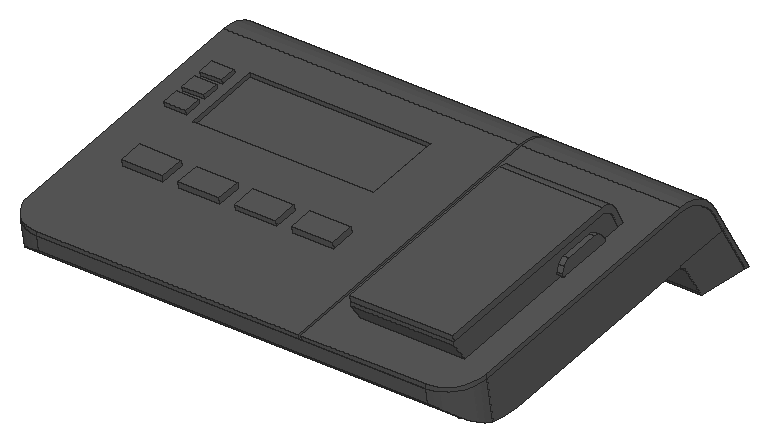
Revit family "Electronics_Paging-Stations_Biamp_Tesira_NPX-H1040_H1100__", category Communication Devices, host Face, Revit 2020
Family settings
  Host = Face
  Maintain Annotation Orientation = No
  Round Connector Dimension = Use Diameter
  Part Type = Normal
  OmniClass Number = 23.85.10.11.14
  OmniClass Title = Audio Equipment
  Cut with Voids When Loaded = No
  Shared = No
  Room Calculation Point = No
Parameters (values of type "H1040")
  Width = 9.10"
  Weight = 2.70 lbf
  Wall Mounted H1100 [instance] = and(Surface Mount, not(H1040))  # no
  Wall Mounted H1040 [instance] = and(Surface Mount, H1040)  # no
  Voltage = 0 V
  Surface Mount [instance] = not(Table Mount)  # no
  URL = "https://www.biamp.com/"
  Temperature Range = "32 - 104° F (0 - 40° C)"  # constant formula
  Table Mounted H1100 [instance] = and(Table Mount, not(H1040))  # no
  Table Mounted H1040 [instance] = and(Table Mount, H1040)  # yes
  Table Mount [instance] = yes
  SNR = "> 76dB at 1kHz, 94dBSPL A-Weighted"  # constant formula
  Product data url = "https://www.bimobject.com/biamp/product/npx-h1040_npx-paging-station"
  Product Page URL = "https://www.biamp.com/products/product-families/tesira/npx-paging#npx-h1040"
  Product Documentation Link = "https://downloads.biamp.com/assets/docs/default-source/data-sheets/biamp_data_sheet_npx_h1040_feb22.pdf"
  Power Factor = 1
  Number of Poles = 1  # constant formula
  Network Connection = "Gigabit Ethernet, RJ-45 (Cat 5e and above)"  # constant formula
  Model = "NPX H1040"
  Mic Type = "MEMS"  # constant formula
  Mic Pattern = "Cardioid"  # constant formula
  Mic Cord Length = 84.00"  # constant formula
  Maximum SPL = "109dB THD+N < 1%"  # constant formula
  Max Power Consumption = 0 W
  Manufacturer = "Biamp"  # constant formula
  Humidity = "0-95% relative humidity (non-condensing)"  # constant formula
  Housing Material = Biamp - Plastic - Black
  Height = 1.70"
  H1040 = yes
  Frequency Response = "± 3dB at 150Hz - 16kHz"  # constant formula
  Dynamic Range = "92dB, A-Weighted THD+N < 1%"  # constant formula
  Description = "NPX H1040 Convenience Paging Station"
  Depth = 6.50"
  Default Elevation = 48.00"
  Connector Position [instance] = if(Table Mount, 0.22", 0.00")  # 0.22"
  Connector Description = "PoE+ (IEEE 802.3at Class 3, 15.4W)"  # constant formula
  Compliance = "FCC Part 15B (USA); CE marked (Europe); NRTL listed to UL 62638-1 (USA); NRTL listed to CSA C22.2 #62368-1 (Canada); RoHS Directive (Europe)"  # constant formula
  Apparent Load = Max Power Consumption / Power Factor  # 0 VA
  Altitude = "0-10,000 ft (0-3000m) MSL"  # constant formula
Reference planes (in)
  plane 1 "Center (Front/Back)": y = 0
  plane 2: z = 0
  plane 3 "Center (Left/Right)": x = 0
Forms (in)
  Extrusion 1, solid, material "Biamp - Plastic - Black" <- "Housing Material", visible <- "Surface Mount", detail levels fine
    sketch origin (0, -0.08956, 0.95312) x (0, -1, 0) y (0, 0, -1)
      loop
        line (1.91047, 0.95312) -> (-3.26845, 0.95312) -> (-3.11237, 0.53719)
        arc (-3.11237, 0.53719) -> (-2.80866, 0.14742) -> (-2.33704, 0) r 0.82813
        line (-2.33704, 0) -> (3.17607, 0) -> (3.17607, 0.29669)
        arc (3.17607, 0.29669) -> (2.62332, 0.77925) -> (1.91047, 0.95312) r 1.54826
    from -4.53125 to 4.53125
  Extrusion 2, solid, material "Biamp - Plastic - Black" <- "Housing Material", visible <- "Surface Mount", detail levels fine
    sketch origin (-4.53125, -0.08956, 0.95312) x (0, 1, 0) y (0, 0, -1)
      loop
        arc (3.11237, 0.53719) -> (2.80866, 0.14742) -> (2.33704, 0) r 0.82813
        line (2.33704, 0) -> (-3.17607, 0) -> (-3.17607, -0.08594) -> (2.39152, -0.08594)
        arc (2.39152, -0.08594) -> (2.86315, 0.06148) -> (3.16686, 0.45125) r 0.82813
        line (3.16686, 0.45125) -> (3.35518, 0.95312) -> (3.26845, 0.95312) -> (3.11237, 0.53719)
    from -9.0625 to 0
  Sweep 3, solid, material "Biamp - Plastic - Black" <- "Housing Material", visible <- "Surface Mount", detail levels fine
    path origin (-4.53125, -3.26563, 1.03906) x (0, 1, 0) y (-1, 0, 0)
      loop
        line (3.26562, -8.51563) -> (3.26562, -6.46875)
    profile origin (2.96094, 0, 1.03906) x (0, -1, 0) y (0, 0, 1)
      loop
        arc (-1.133, 0.5679) -> (-1.29551, 0.51666) -> (-1.39924, 0.38148) r 0.28333
        line (-1.39924, 0.38148) -> (-1.53809, 0) -> (-1.42871, 0) -> (-1.33011, 0.2709)
        arc (-1.33011, 0.2709) -> (-1.22571, 0.40696) -> (-1.06215, 0.45853) r 0.28516
        line (-1.06215, 0.45853) -> (2.64062, 0.45853) -> (2.64062, 0.5679) -> (-1.133, 0.5679)
  Sweep 4, solid, material "Biamp - Plastic - Black" <- "Housing Material", visible <- "Surface Mount", detail levels fine
    path origin (-4.53125, -3.26563, 1.03906) x (0, 1, 0) y (-1, 0, 0)
      loop
        line (2.71436, -6.46875) -> (2.71436, -8.51563)
    profile origin (2.96094, -0.55127, 1.03906) x (0, 1, 0) y (0, 0, 1)
      loop
        arc (1.88138, 0.2709) -> (1.77698, 0.40696) -> (1.61342, 0.45853) r 0.28516
        line (1.61342, 0.45853) -> (-2.08936, 0.45853) -> (-2.08936, 0.3804) -> (-1.89553, 0) -> (1.97998, 0) -> (1.88138, 0.2709)
  Extrusion 5, void
    sketch origin (-4.53125, -3.26563, 1.03906) x (-1, 0, 0) y (0, 1, 0)
      loop
        arc (0, 0.67187) -> (-0.19679, 0.19679) -> (-0.67188, 0) r 0.67188
        line (-0.67188, 0) -> (0, 0) -> (0, 0.67187)
      loop
        line (-9.0625, 0.67187) -> (-9.0625, 0) -> (-8.39063, 0)
        arc (-8.39063, 0) -> (-8.86571, 0.19679) -> (-9.0625, 0.67187) r 0.67188
    from 0 to 1.03906
  Extrusion 6, solid, material "Biamp - Plastic - Black" <- "Housing Material", visible <- "Surface Mount", detail levels fine
    sketch origin (3.98438, -0.78685, 1.07597) x (0, 0.001416, 0.999999) y (0, -0.999999, 0.001416)
      loop
        line (0.04032, -0.71644) -> (0.04032, -1.69231)
        arc (0.04032, -1.69231) -> (0.06152, -1.72876) -> (0.10368, -1.72834) r 0.04192
        line (0.10368, -1.72834) -> (0.21424, -1.66253)
        arc (0.21424, -1.66253) -> (0.26997, -1.60569) -> (0.29032, -1.52872) r 0.15572
        line (0.29032, -1.52872) -> (0.29032, -0.87818)
        arc (0.29032, -0.87818) -> (0.26982, -0.80081) -> (0.2137, -0.74375) r 0.15625
        line (0.2137, -0.74375) -> (0.10518, -0.67947)
        arc (0.10518, -0.67947) -> (0.06201, -0.67911) -> (0.04032, -0.71644) r 0.04297
    from 0 to 0.12882
  Sweep 7, void, detail levels fine
    path origin (-4.53125, -3.26563, 1.03906) x (0, 1, 0) y (-1, 0, 0)
      loop
        line (2.85484, -5.87423) -> (2.85484, -5.92188)
    profile origin (1.3668, -0.41078, 1.03906) x (0, 1, 0) y (0, 0, 1)
      loop
        line (3.67348, -1.03125) -> (3.48808, -0.53719)
        arc (3.48808, -0.53719) -> (3.18437, -0.14742) -> (2.71275, 0) r 0.82813
        line (2.71275, 0) -> (-2.85484, 0) -> (-2.85484, -0.07813) -> (2.66314, -0.07812)
        arc (2.66314, -0.07812) -> (3.13476, -0.22554) -> (3.43848, -0.61531) r 0.82813
        line (3.43848, -0.61531) -> (3.59455, -1.03125) -> (3.67348, -1.03125)
  Extrusion 8, solid, material "Biamp - Plastic - Black" <- "Housing Material", visible <- "Surface Mount", detail levels medium
    sketch origin (0, -0.20583, 0.95312) x (0, -1, 0) y (0, 0, -1)
      loop
        line (1.79419, 0.95312) -> (-3.38472, 0.95312) -> (-3.02707, 0) -> (3.0598, 0) -> (3.0598, 0.29669) -> (1.79419, 0.95312)
    from -4.53125 to 4.53125
  Extrusion 9, solid, material "Biamp - Plastic - Black" <- "Housing Material", visible <- "Surface Mount", detail levels medium
    sketch origin (-4.53125, -0.20403, 0.95312) x (0, 1, 0) y (0, 0, -1)
      loop
        line (3.02527, 0) -> (-3.0616, 0) -> (-3.0616, -0.08594) -> (3.07976, -0.08594) -> (3.46965, 0.95312) -> (3.38292, 0.95312) -> (3.02527, 0)
    from -9.0625 to 0
  Extrusion 10, solid, material "Biamp - Plastic - Black", visible <- "Surface Mount", detail levels medium+fine
    sketch origin (-11.58984, -0.01043, 1.03906) x (1, 0, 0) y (0, 1, 0)
      loop
        line (7.48175, 1.64133) -> (7.48175, 1.32883) -> (7.91925, 1.32883) -> (7.91925, 1.64133) -> (7.48175, 1.64133)
      loop
        line (7.91897, 1.19751) -> (7.48178, 1.19751) -> (7.48178, 0.88483) -> (7.91897, 0.88483) -> (7.91897, 1.19751)
      loop
        line (7.91891, 0.74436) -> (7.48179, 0.74436) -> (7.48179, 0.43164) -> (7.91891, 0.43164) -> (7.91891, 0.74436)
    from 0 to 0.07813
  Extrusion 11, solid, material "Biamp - Glass - Gray", visible <- "Surface Mount", detail levels medium+fine
    sketch origin (-9.72425, -0.44725, 1.0398) x (1, 0, 0) y (0, 1, 0)
      loop
        line (6.25176, 2.19442) -> (6.25176, 0.77255) -> (9.84551, 0.77255) -> (9.84551, 2.19442) -> (6.25176, 2.19442)
    from -0.07258 to -0.00074
  Extrusion 12, solid, material "Biamp - Plastic - Black", visible <- "Wall Mounted H1040", detail levels medium+fine
    sketch origin (-10.03284, -2.1198, 1.07553) x (1, 0, 0) y (0, 1, 0)
      loop
        line (7.42187, 1.45902) -> (7.42187, 1.00092) -> (8.23437, 1.00092) -> (8.23437, 1.45902) -> (7.42187, 1.45902)
      loop
        line (6.29687, 1.45902) -> (6.29687, 1.00092) -> (7.10937, 1.00092) -> (7.10937, 1.45902) -> (6.29687, 1.45902)
      loop
        line (8.54687, 1.45902) -> (8.54687, 1.00092) -> (9.35937, 1.00092) -> (9.35937, 1.45902) -> (8.54687, 1.45902)
      loop
        line (9.67187, 1.45902) -> (9.67187, 1.00092) -> (10.48437, 1.00092) -> (10.48437, 1.45902) -> (9.67187, 1.45902)
    from -0.03647 to 0.07813
  Sweep 13, solid, material "Biamp - Plastic - Black" <- "Housing Material", visible <- "Surface Mount", detail levels medium
    path origin (-4.53125, -3.32222, 1.03906) x (0, 1, 0) y (-1, 0, 0)
      loop
        line (2.71436, -6.46875) -> (2.71436, -8.51563)
    profile origin (2.96094, -0.60787, 1.03906) x (0, 1, 0) y (0, 0, 1)
      loop
        line (1.86969, 0.45853) -> (-2.03276, 0.45853) -> (-2.03276, 0.3804) -> (-1.83893, 0) -> (2.03658, 0) -> (1.86969, 0.45853)
  Sweep 14, solid, material "Biamp - Plastic - Black" <- "Housing Material", visible <- "Surface Mount", detail levels medium
    path origin (-4.53125, -3.23332, 1.03906) x (0, 1, 0) y (-1, 0, 0)
      loop
        line (3.26562, -8.51563) -> (3.26562, -6.46875)
    profile origin (2.96094, 0.0323, 1.03906) x (0, -1, 0) y (0, 0, 1)
      loop
        line (-1.29908, 0.5679) -> (-1.50578, 0) -> (-1.39641, 0) -> (-1.22952, 0.45853) -> (2.67293, 0.45853) -> (2.67293, 0.5679) -> (-1.29908, 0.5679)
  Sweep 15, solid, material "Biamp - Plastic - Black" <- "Housing Material", visible <- "Surface Mount", detail levels coarse
    path origin (-4.53125, -3.37934, 1.03906) x (0, 1, 0) y (-1, 0, 0)
      loop
        line (2.71436, -6.46875) -> (2.71436, -8.51563)
    profile origin (2.96094, -0.66498, 1.03906) x (0, 1, 0) y (0, 0, 1)
      loop
        line (1.99637, 0.5679) -> (-1.97564, 0.5679) -> (-1.97564, 0) -> (2.20307, 0) -> (1.99637, 0.5679)
  Extrusion 16, solid, material "Biamp - Plastic - Black" <- "Housing Material", visible <- "Surface Mount", detail levels coarse
    sketch origin (-4.53125, -0.10375, 0.95312) x (0, 1, 0) y (0, 0, -1)
      loop
        line (-3.16188, 0.95312) -> (-3.16188, -0.08594) -> (2.97947, -0.08594) -> (3.36937, 0.95312) -> (-3.16188, 0.95312)
    from -9.0625 to 0
  Extrusion 17, solid, material "Biamp - Plastic - Black" <- "Housing Material", visible <- "Table Mount", detail levels fine
    sketch origin (0, -0.12289, 1.29353) x (0, -0.984808, -0.173648) y (0, 0.173648, -0.984808)
      loop
        line (1.91047, 0.95312) -> (-3.26845, 0.95312) -> (-3.11237, 0.53719)
        arc (-3.11237, 0.53719) -> (-2.80866, 0.14742) -> (-2.33704, 0) r 0.82813
        line (-2.33704, 0) -> (3.17607, 0) -> (3.17607, 0.29669)
        arc (3.17607, 0.29669) -> (2.62332, 0.77925) -> (1.91047, 0.95312) r 1.54826
    from -4.53125 to 4.53125
  Extrusion 18, solid, material "Biamp - Plastic - Black" <- "Housing Material", visible <- "Table Mount", detail levels fine
    sketch origin (-4.53125, -0.12289, 1.29353) x (0, 0.984808, 0.173648) y (0, 0.173648, -0.984808)
      loop
        arc (3.11237, 0.53719) -> (2.80866, 0.14742) -> (2.33704, 0) r 0.82813
        line (2.33704, 0) -> (-3.17607, 0) -> (-3.17607, -0.08594) -> (2.39152, -0.08594)
        arc (2.39152, -0.08594) -> (2.86315, 0.06148) -> (3.16686, 0.45125) r 0.82813
        line (3.16686, 0.45125) -> (3.35518, 0.95312) -> (3.26845, 0.95312) -> (3.11237, 0.53719)
    from -9.0625 to 0
  Sweep 19, solid, material "Biamp - Plastic - Black" <- "Housing Material", visible <- "Table Mount", detail levels fine
    path origin (-4.53125, -3.26563, 0.82665) x (0, 0.984808, 0.173648) y (-1, 0, 0)
      loop
        line (3.26562, -8.51563) -> (3.26562, -6.46875)
    profile origin (2.96094, -0.04961, 1.39372) x (0, -0.984808, -0.173648) y (0, -0.173648, 0.984808)
      loop
        arc (-1.133, 0.5679) -> (-1.29551, 0.51666) -> (-1.39924, 0.38148) r 0.28333
        line (-1.39924, 0.38148) -> (-1.53809, 0) -> (-1.42871, 0) -> (-1.33011, 0.2709)
        arc (-1.33011, 0.2709) -> (-1.22571, 0.40696) -> (-1.06215, 0.45853) r 0.28516
        line (-1.06215, 0.45853) -> (2.64062, 0.45853) -> (2.64062, 0.5679) -> (-1.133, 0.5679)
  Sweep 20, solid, material "Biamp - Plastic - Black" <- "Housing Material", visible <- "Table Mount", detail levels fine
    path origin (-4.53125, -3.26563, 0.82665) x (0, 0.984808, 0.173648) y (-1, 0, 0)
      loop
        line (2.71436, -6.46875) -> (2.71436, -8.51563)
    profile origin (2.96094, -0.59251, 1.29799) x (0, 0.984808, 0.173648) y (0, -0.173648, 0.984808)
      loop
        arc (1.88138, 0.2709) -> (1.77698, 0.40696) -> (1.61342, 0.45853) r 0.28516
        line (1.61342, 0.45853) -> (-2.08936, 0.45853) -> (-2.08936, 0.3804) -> (-1.89553, 0) -> (1.97998, 0) -> (1.88138, 0.2709)
  Extrusion 21, void
    sketch origin (-4.53125, -3.26563, 0.82665) x (0, -0.984808, -0.173648) y (-1, 0, 0)
      loop
        arc (-0.67187, 0) -> (-0.19679, -0.19679) -> (0, -0.67188) r 0.67188
        line (0, -0.67188) -> (0, 0) -> (-0.67187, 0)
      loop
        line (-0.67187, -9.0625) -> (0, -9.0625) -> (0, -8.39063)
        arc (0, -8.39063) -> (-0.19679, -8.86571) -> (-0.67187, -9.0625) r 0.67188
    from 0 to 1.03906
  Extrusion 22, solid, material "Biamp - Plastic - Black" <- "Housing Material", visible <- "Table Mount", detail levels fine
    sketch origin (3.98438, -0.83092, 1.29342) x (0, -0.172254, 0.985053) y (0, -0.985053, -0.172254)
      loop
        line (0.04032, -0.71644) -> (0.04032, -1.69231)
        arc (0.04032, -1.69231) -> (0.06152, -1.72876) -> (0.10368, -1.72834) r 0.04192
        line (0.10368, -1.72834) -> (0.21424, -1.66253)
        arc (0.21424, -1.66253) -> (0.26997, -1.60569) -> (0.29032, -1.52872) r 0.15572
        line (0.29032, -1.52872) -> (0.29032, -0.87818)
        arc (0.29032, -0.87818) -> (0.26982, -0.80081) -> (0.2137, -0.74375) r 0.15625
        line (0.2137, -0.74375) -> (0.10518, -0.67947)
        arc (0.10518, -0.67947) -> (0.06201, -0.67911) -> (0.04032, -0.71644) r 0.04297
    from 0 to 0.12882
  Sweep 23, void
    path origin (-4.53125, -3.26563, 0.82665) x (0, 0.984808, 0.173648) y (-1, 0, 0)
      loop
        line (2.85484, -5.87423) -> (2.85484, -5.92188)
    profile origin (1.3668, -0.45415, 1.32238) x (0, 0.984808, 0.173648) y (0, -0.173648, 0.984808)
      loop
        line (3.67348, -1.03125) -> (3.48808, -0.53719)
        arc (3.48808, -0.53719) -> (3.18437, -0.14742) -> (2.71275, 0) r 0.82813
        line (2.71275, 0) -> (-2.85484, 0) -> (-2.85484, -0.07813) -> (2.66314, -0.07813)
        arc (2.66314, -0.07813) -> (3.13476, -0.22554) -> (3.43848, -0.61531) r 0.82813
        line (3.43848, -0.61531) -> (3.59455, -1.03125) -> (3.67348, -1.03125)
  Extrusion 24, solid, material "Biamp - Plastic - Black" <- "Housing Material", visible <- "Table Mount", detail levels medium
    sketch origin (0, -0.23739, 1.27334) x (0, -0.984808, -0.173648) y (0, 0.173648, -0.984808)
      loop
        line (1.79419, 0.95312) -> (-3.38472, 0.95312) -> (-3.02707, 0) -> (3.0598, 0) -> (3.0598, 0.29669) -> (1.79419, 0.95312)
    from -4.53125 to 4.53125
  Extrusion 25, solid, material "Biamp - Plastic - Black" <- "Housing Material", visible <- "Table Mount", detail levels medium
    sketch origin (-4.53125, -0.23562, 1.27365) x (0, 0.984808, 0.173648) y (0, 0.173648, -0.984808)
      loop
        line (3.02527, 0) -> (-3.0616, 0) -> (-3.0616, -0.08594) -> (3.07976, -0.08594) -> (3.46965, 0.95312) -> (3.38292, 0.95312) -> (3.02527, 0)
    from -9.0625 to 0
  Extrusion 26, solid, material "Biamp - Plastic - Black", visible <- "Table Mount", detail levels medium+fine
    sketch origin (-11.58984, -0.20125, 1.36698) x (1, 0, 0) y (0, 0.984808, 0.173648)
      loop
        line (7.48175, 1.64133) -> (7.48175, 1.32883) -> (7.91925, 1.32883) -> (7.91925, 1.64133) -> (7.48175, 1.64133)
      loop
        line (7.91897, 1.19751) -> (7.48178, 1.19751) -> (7.48178, 0.88483) -> (7.91897, 0.88483) -> (7.91897, 1.19751)
      loop
        line (7.91891, 0.74436) -> (7.48179, 0.74436) -> (7.48179, 0.43164) -> (7.91891, 0.43164) -> (7.91891, 0.74436)
    from 0 to 0.07813
  Extrusion 27, solid, material "Biamp - Glass - Gray", visible <- "Table Mount", detail levels medium+fine
    sketch origin (-9.72425, -0.63156, 1.29186) x (1, 0, 0) y (0, 0.984808, 0.173648)
      loop
        line (6.25176, 2.19442) -> (6.25176, 0.77255) -> (9.84551, 0.77255) -> (9.84551, 2.19442) -> (6.25176, 2.19442)
    from -0.07258 to -0.00074
  Extrusion 28, solid, material "Biamp - Plastic - Black", visible <- "Table Mounted H1040", detail levels medium+fine
    sketch origin (-10.03284, -2.2849, 1.0366) x (1, 0, 0) y (0, 0.984808, 0.173648)
      loop
        line (7.42187, 1.45902) -> (7.42187, 1.00092) -> (8.23437, 1.00092) -> (8.23437, 1.45902) -> (7.42187, 1.45902)
      loop
        line (6.29687, 1.45902) -> (6.29687, 1.00092) -> (7.10937, 1.00092) -> (7.10937, 1.45902) -> (6.29687, 1.45902)
      loop
        line (8.54687, 1.45902) -> (8.54687, 1.00092) -> (9.35937, 1.00092) -> (9.35937, 1.45902) -> (8.54687, 1.45902)
      loop
        line (9.67187, 1.45902) -> (9.67187, 1.00092) -> (10.48437, 1.00092) -> (10.48437, 1.45902) -> (9.67187, 1.45902)
    from -0.03647 to 0.07813
  Sweep 29, solid, material "Biamp - Plastic - Black" <- "Housing Material", visible <- "Table Mount", detail levels medium
    path origin (-4.53125, -3.32136, 0.81682) x (0, 0.984808, 0.173648) y (-1, 0, 0)
      loop
        line (2.71436, -6.46875) -> (2.71436, -8.51563)
    profile origin (2.96094, -0.64825, 1.28816) x (0, 0.984808, 0.173648) y (0, -0.173648, 0.984808)
      loop
        line (1.86969, 0.45853) -> (-2.03276, 0.45853) -> (-2.03276, 0.3804) -> (-1.83893, 0) -> (2.03658, 0) -> (1.86969, 0.45853)
  Sweep 30, solid, material "Biamp - Plastic - Black" <- "Housing Material", visible <- "Table Mount", detail levels medium
    path origin (-4.53125, -3.23381, 0.83226) x (0, 0.984808, 0.173648) y (-1, 0, 0)
      loop
        line (3.26562, -8.51563) -> (3.26562, -6.46875)
    profile origin (2.96094, -0.0178, 1.39933) x (0, -0.984808, -0.173648) y (0, -0.173648, 0.984808)
      loop
        line (-1.29908, 0.5679) -> (-1.50578, 0) -> (-1.39641, 0) -> (-1.22952, 0.45853) -> (2.67293, 0.45853) -> (2.67293, 0.5679) -> (-1.29908, 0.5679)
  Sweep 31, solid, material "Biamp - Plastic - Black" <- "Housing Material", visible <- "Table Mount", detail levels coarse
    path origin (-4.53125, -3.37761, 0.8069) x (0, 0.984808, 0.173648) y (-1, 0, 0)
      loop
        line (2.71436, -6.46875) -> (2.71436, -8.51563)
    profile origin (2.96094, -0.70449, 1.27824) x (0, 0.984808, 0.173648) y (0, -0.173648, 0.984808)
      loop
        line (1.99637, 0.5679) -> (-1.97564, 0.5679) -> (-1.97564, 0) -> (2.20307, 0) -> (1.99637, 0.5679)
  Extrusion 32, solid, material "Biamp - Plastic - Black" <- "Housing Material", visible <- "Table Mount", detail levels coarse
    sketch origin (-4.53125, -0.13686, 1.29107) x (0, 0.984808, 0.173648) y (0, 0.173648, -0.984808)
      loop
        line (-2.02953, 0.95312) -> (-3.16188, 0.75346) -> (-3.16188, -0.08594) -> (2.97947, -0.08594) -> (3.36937, 0.95312) -> (-2.02953, 0.95312)
    from -9.0625 to 0
  Extrusion 33, solid, material "Biamp - Plastic - Black" <- "Housing Material", visible <- "Table Mount", detail levels medium+fine
    sketch origin (-4.53125, -0.12289, 1.29353) x (0, 0.984808, 0.173648) y (0, 0.173648, -0.984808)
      loop
        line (3.35518, 0.95312) -> (3.73771, 1.97255) -> (3.64483, 1.95617) -> (3.26845, 0.95312) -> (3.35518, 0.95312)
    from -9.0625 to 0
  Extrusion 34, solid, material "Biamp - Plastic - Black" <- "Housing Material", visible <- "Table Mount", detail levels fine
    sketch origin (0, 0.34061, 0) x (0, 1, 0) y (0, 0, 1)
      loop
        line (2.92076, 0.92252) -> (1.84611, 0.73303)
        arc (1.84611, 0.73303) -> (1.93598, 0.69083) -> (2.00362, 0.61816) r 0.26138
        line (2.00362, 0.61816) -> (2.34656, 0.06935)
        arc (2.34656, 0.06935) -> (2.39811, 0.01856) -> (2.46805, 0) r 0.14111
        line (2.46805, 0) -> (3.46564, 0) -> (2.92076, 0.92252)
    from -4.53125 to 4.53125
  Extrusion 35, solid, material "Biamp - Plastic - Black" <- "Housing Material", visible <- "Table Mount", detail levels medium
    sketch origin (0, 0.29437, 0) x (0, 1, 0) y (0, 0, 1)
      loop
        line (2.967, 0.92252) -> (1.96958, 0.74665) -> (2.43614, 0) -> (3.51189, 0) -> (2.967, 0.92252)
    from -4.53125 to 4.53125
  Extrusion 36, solid, material "Biamp - Plastic - Black" <- "Housing Material", visible <- "Table Mount", detail levels coarse
    sketch origin (-4.53125, -0.16863, 1.29353) x (0, 0.984808, 0.173648) y (0, 0.173648, -0.984808)
      loop
        line (3.40023, 0.96107) -> (3.78276, 1.98049) -> (2.63047, 1.77731) -> (2.30069, 0.96107) -> (3.40023, 0.96107)
    from -9.0625 to 0
  Sweep 37, void
    path origin (-4.53125, -3.26563, 0.82665) x (0, 0.984808, 0.173648) y (-1, 0, 0)
      loop
        line (1.17143, -5.92188) -> (1.17143, -5.87423)
    profile origin (1.3668, -2.11199, 1.03006) x (0, -0.984808, -0.173648) y (0, -0.173648, 0.984808)
      loop
        line (1.17143, 0) -> (-4.39616, 0)
        arc (-4.39616, 0) -> (-4.86778, -0.14742) -> (-5.17149, -0.53719) r 0.82813
        line (-5.17149, -0.53719) -> (-5.35982, -1.03906) -> (-5.28027, -1.03906) -> (-5.1213, -0.61543)
        arc (-5.1213, -0.61543) -> (-4.81759, -0.22566) -> (-4.34597, -0.07824) r 0.82813
        line (-4.34597, -0.07824) -> (1.17143, -0.07824) -> (1.17143, 0)
  Extrusion 38, solid, material "Biamp - Plastic - Black", visible <- "Table Mounted H1100", detail levels medium+fine
    sketch origin (-9.20333, -1.62177, 1.15353) x (1, 0, 0) y (0, 0.984808, 0.173648)
      loop
        line (6.1252, 1.33023) -> (6.1252, 0.89273) -> (6.92208, 0.89273) -> (6.92208, 1.33023) -> (6.1252, 1.33023)
      loop
        line (6.1252, 0.65835) -> (6.1252, 0.22085) -> (6.92208, 0.22085) -> (6.92208, 0.65835) -> (6.1252, 0.65835)
      loop
        line (6.1252, -0.01352) -> (6.1252, -0.45102) -> (6.92208, -0.45102) -> (6.92208, -0.01352) -> (6.1252, -0.01352)
      loop
        line (7.23458, -0.6854) -> (7.23458, -1.1229) -> (8.03145, -1.1229) -> (8.03145, -0.6854) -> (7.23458, -0.6854)
      loop
        line (7.23458, 1.33023) -> (7.23458, 0.89273) -> (8.03145, 0.89273) -> (8.03145, 1.33023) -> (7.23458, 1.33023)
      loop
        line (7.23458, 0.65835) -> (7.23458, 0.22085) -> (8.03145, 0.22085) -> (8.03145, 0.65835) -> (7.23458, 0.65835)
      loop
        line (7.23458, -0.01352) -> (7.23458, -0.45102) -> (8.03145, -0.45102) -> (8.03145, -0.01352) -> (7.23458, -0.01352)
      loop
        line (8.34395, 1.33023) -> (8.34395, 0.89273) -> (9.14083, 0.89273) -> (9.14083, 1.33023) -> (8.34395, 1.33023)
      loop
        line (8.34395, 0.65835) -> (8.34395, 0.22085) -> (9.14083, 0.22085) -> (9.14083, 0.65835) -> (8.34395, 0.65835)
      loop
        line (8.34395, -0.01352) -> (8.34395, -0.45102) -> (9.14083, -0.45102) -> (9.14083, -0.01352) -> (8.34395, -0.01352)
    from -0.03647 to 0.07813
  Extrusion 39, solid, material "Biamp - Plastic - Black", visible <- "Wall Mounted H1100", detail levels medium+fine
    sketch origin (-10.60509, -1.66634, 1.03906) x (1, 0, 0) y (0, 1, 0)
      loop
        line (7.52697, 1.39789) -> (7.52697, 0.96039) -> (8.32384, 0.96039) -> (8.32384, 1.39789) -> (7.52697, 1.39789)
      loop
        line (8.63634, 1.39789) -> (8.63634, 0.96039) -> (9.43322, 0.96039) -> (9.43322, 1.39789) -> (8.63634, 1.39789)
      loop
        line (9.74572, 1.39789) -> (9.74572, 0.96039) -> (10.54259, 0.96039) -> (10.54259, 1.39789) -> (9.74572, 1.39789)
      loop
        line (7.52697, 0.72392) -> (7.52697, 0.28642) -> (8.32384, 0.28642) -> (8.32384, 0.72392) -> (7.52697, 0.72392)
      loop
        line (8.63634, 0.72392) -> (8.63634, 0.28642) -> (9.43322, 0.28642) -> (9.43322, 0.72392) -> (8.63634, 0.72392)
      loop
        line (9.74572, 0.72392) -> (9.74572, 0.28642) -> (10.54259, 0.28642) -> (10.54259, 0.72392) -> (9.74572, 0.72392)
      loop
        line (7.52697, 0.05205) -> (7.52697, -0.38545) -> (8.32384, -0.38545) -> (8.32384, 0.05205) -> (7.52697, 0.05205)
      loop
        line (8.63634, 0.05205) -> (8.63634, -0.38545) -> (9.43322, -0.38545) -> (9.43322, 0.05205) -> (8.63634, 0.05205)
      loop
        line (9.74572, 0.05205) -> (9.74572, -0.38545) -> (10.54259, -0.38545) -> (10.54259, 0.05205) -> (9.74572, 0.05205)
      loop
        line (8.63634, -0.61983) -> (8.63634, -1.05733) -> (9.43322, -1.05733) -> (9.43322, -0.61983) -> (8.63634, -0.61983)
    from 0 to 0.07813
  Extrusion 40, void
    sketch origin (-4.53125, -3.26563, 1.03906) x (-1, 0, 0) y (0, 1, 0)
      loop
        line (-1.05876, 5.0128) -> (-4.65251, 5.0128) -> (-4.65251, 3.59092) -> (-1.05876, 3.59092) -> (-1.05876, 5.0128)
    from 0 to 0.07183
  Extrusion 41, void
    sketch origin (-9.72425, -0.63143, 1.29113) x (-1, 0, 0) y (0, 0.984808, 0.173648)
      loop
        line (-6.25176, 2.19442) -> (-9.84551, 2.19442) -> (-9.84551, 0.77255) -> (-6.25176, 0.77255) -> (-6.25176, 2.19442)
    from 0 to 0.07183
  Extrusion 42, solid, not visible
    sketch origin (0.00486, 1.06436, 0) x (1, 0, 0) y (0, 1, 0)
      loop
        circle (0, -1.71258) r 0.25
    from -0.72205 to 0.22
Cuts and joins
  Extrusion 5, Extrusion 40, Extrusion 41 cuts Extrusion 1
  Extrusion 5, Sweep 7, Extrusion 21, Sweep 23, Extrusion 40, Extrusion 41 cuts Extrusion 2
  Extrusion 5, Extrusion 21, Extrusion 40, Extrusion 41 cuts Extrusion 9
  Extrusion 5, Extrusion 40, Extrusion 41 cuts Extrusion 8
  Extrusion 21, Extrusion 41 cuts Extrusion 17
  Extrusion 21, Sweep 37, Extrusion 41 cuts Extrusion 18
  Extrusion 41 cuts Extrusion 24
  Extrusion 41 cuts Extrusion 11
  Extrusion 41 cuts Extrusion 16
  Extrusion 41 cuts Extrusion 25
Lines and regions (in)
  Masking region 1, visible <- "Table Mount", detail levels coarse+medium
    outline origin (0, 0, 0) x (1, 0, 0) y (0, 1, 0)
      loop
        line (-4.53125, 3.90057) -> (-4.53125, -3.26563) -> (4.53125, -3.26563) -> (4.53125, 3.90057) -> (-4.53125, 3.90057)
  Masking region 2, visible <- "Surface Mount", detail levels coarse+medium
    outline origin (0, 0, 0) x (1, 0, 0) y (0, 1, 0)
      loop
        line (-4.53125, 3.26562) -> (-4.53125, -3.26563) -> (4.53125, -3.26563) -> (4.53125, 3.26562) -> (-4.53125, 3.26562)
  Masking region 3, visible <- "Table Mount", detail levels fine
    outline origin (0, 0, 0) x (1, 0, 0) y (0, 1, 0)
      loop
        spline (-4.53125, -2.60396) -> (-4.5255, -2.69032) -> (-4.50836, -2.77521) -> (-4.48011, -2.85717) -> (-4.44124, -2.93479) -> (-4.39241, -3.00676) -> (-4.33446, -3.07183) -> (-4.26839, -3.12889) -> (-4.19531, -3.17698) -> (-4.11649, -3.21526) -> (-4.03327, -3.24308) -> (-3.94707, -3.25996) -> (-3.85937, -3.26563)
        line (-3.85937, -3.26563) -> (3.85938, -3.26563)
        spline (3.85938, -3.26563) -> (3.94707, -3.25996) -> (4.03327, -3.24308) -> (4.11649, -3.21526) -> (4.19531, -3.17698) -> (4.26839, -3.12889) -> (4.33446, -3.07183) -> (4.39241, -3.00676) -> (4.44124, -2.93479) -> (4.48011, -2.85717) -> (4.50836, -2.77521) -> (4.5255, -2.69032) -> (4.53125, -2.60396)
        line (4.53125, -2.60396) -> (4.53125, 3.90057) -> (-4.53125, 3.90057) -> (-4.53125, -2.60396)
  Masking region 4, visible <- "Surface Mount", detail levels fine
    outline origin (0, 0, 0) x (1, 0, 0) y (0, 1, 0)
      loop
        line (-4.53125, 3.26562) -> (-4.53125, -2.60396)
        spline (-4.53125, -2.60396) -> (-4.5255, -2.69032) -> (-4.50836, -2.77521) -> (-4.48011, -2.85717) -> (-4.44124, -2.93479) -> (-4.39241, -3.00676) -> (-4.33446, -3.07183) -> (-4.26839, -3.12889) -> (-4.19531, -3.17698) -> (-4.11649, -3.21526) -> (-4.03327, -3.24308) -> (-3.94707, -3.25996) -> (-3.85937, -3.26563)
        line (-3.85937, -3.26563) -> (3.85938, -3.26563)
        spline (3.85938, -3.26563) -> (3.94707, -3.25996) -> (4.03327, -3.24308) -> (4.11649, -3.21526) -> (4.19531, -3.17698) -> (4.26839, -3.12889) -> (4.33446, -3.07183) -> (4.39241, -3.00676) -> (4.44124, -2.93479) -> (4.48011, -2.85717) -> (4.50836, -2.77521) -> (4.5255, -2.69032) -> (4.53125, -2.60396)
        line (4.53125, -2.60396) -> (4.53125, 3.26562) -> (-4.53125, 3.26562)
  symbolic lines, visible <- "Surface Mount"
    curve 1: line (-4.53125, 3.26562, 0) -> (4.53125, 3.26562, 0)
  symbolic lines, visible <- "Surface Mount", detail levels fine
    curve 2: line (1.34298, -3.26563, 0) -> (1.34298, 3.26562, 0)
    curve 3: line (1.39062, -3.26563, 0) -> (1.39062, 3.26562, 0)
    curve 4: line (1.9375, 1.53809, 0) -> (1.9375, -2.64062, 0)
    curve 5: line (1.9375, 1.53809, 0) -> (3.98437, 1.53809, 0)
    curve 6: line (3.98438, 1.53809, 0) -> (3.98438, -2.64062, 0)
    curve 7: line (1.9375, -2.64062, 0) -> (3.98437, -2.64062, 0)
    curve 8: line (4.11319, -0.11326, 0) -> (4.11319, 0.9475, 0)
    curve 9: line (4.11319, 0.9475, 0) -> (3.98438, 0.9475, 0)
    curve 10: line (4.11319, -0.11326, 0) -> (3.98438, -0.11326, 0)
  symbolic lines, visible <- "Surface Mount", detail levels medium+fine
    curve 11: line (0.12126, 0.3253, 0) -> (0.12126, 1.74717, 0)
    curve 12: line (0.12126, 1.74717, 0) -> (-3.47249, 1.74717, 0)
    curve 13: line (-3.47249, 1.74717, 0) -> (-3.47249, 0.3253, 0)
    curve 14: line (-3.47249, 0.3253, 0) -> (0.12126, 0.3253, 0)
    curve 15: line (-3.67059, 1.31841, 0) -> (-3.67059, 1.63091, 0)
    curve 16: line (-3.67059, 1.63091, 0) -> (-4.10809, 1.63091, 0)
    curve 17: line (-4.10809, 1.63091, 0) -> (-4.10809, 1.31841, 0)
    curve 18: line (-4.10809, 1.31841, 0) -> (-3.67059, 1.31841, 0)
    curve 19: line (-3.67087, 0.87441, 0) -> (-3.67087, 1.18709, 0)
    curve 20: line (-3.67087, 1.18709, 0) -> (-4.10806, 1.18709, 0)
    curve 21: line (-4.10806, 1.18709, 0) -> (-4.10806, 0.87441, 0)
    curve 22: line (-4.10806, 0.87441, 0) -> (-3.67087, 0.87441, 0)
    curve 23: line (-3.67093, 0.42121, 0) -> (-3.67093, 0.73394, 0)
    curve 24: line (-3.67093, 0.73394, 0) -> (-4.10805, 0.73394, 0)
    curve 25: line (-4.10805, 0.73394, 0) -> (-4.10805, 0.42121, 0)
    curve 26: line (-4.10805, 0.42121, 0) -> (-3.67093, 0.42121, 0)
  symbolic lines, visible <- "Wall Mounted H1040", detail levels medium+fine
    curve 27: line (-2.92347, -1.11888, 0) -> (-2.92347, -0.66078, 0)
    curve 28: line (-2.92347, -0.66078, 0) -> (-3.73597, -0.66078, 0)
    curve 29: line (-3.73597, -0.66078, 0) -> (-3.73597, -1.11888, 0)
    curve 30: line (-3.73597, -1.11888, 0) -> (-2.92347, -1.11888, 0)
    curve 31: line (-1.79847, -1.11888, 0) -> (-1.79847, -0.66078, 0)
    curve 32: line (-1.79847, -0.66078, 0) -> (-2.61097, -0.66078, 0)
    curve 33: line (-2.61097, -0.66078, 0) -> (-2.61097, -1.11888, 0)
    curve 34: line (-2.61097, -1.11888, 0) -> (-1.79847, -1.11888, 0)
    curve 35: line (-0.67347, -1.11888, 0) -> (-0.67347, -0.66078, 0)
    curve 36: line (-0.67347, -0.66078, 0) -> (-1.48597, -0.66078, 0)
    curve 37: line (-1.48597, -0.66078, 0) -> (-1.48597, -1.11888, 0)
    curve 38: line (-1.48597, -1.11888, 0) -> (-0.67347, -1.11888, 0)
    curve 39: line (0.45153, -1.11888, 0) -> (0.45153, -0.66078, 0)
    curve 40: line (0.45153, -0.66078, 0) -> (-0.36097, -0.66078, 0)
    curve 41: line (-0.36097, -0.66078, 0) -> (-0.36097, -1.11888, 0)
    curve 42: line (-0.36097, -1.11888, 0) -> (0.45153, -1.11888, 0)
  symbolic lines, visible <- "Surface Mount", detail levels coarse+medium
    curve 43: line (3.98438, -2.64062, 0) -> (3.98438, 1.33139, 0)
    curve 44: line (3.98437, 1.33139, 0) -> (1.9375, 1.33139, 0)
    curve 45: line (1.9375, 1.33139, 0) -> (1.9375, -2.64062, 0)
    curve 46: line (1.9375, -2.64062, 0) -> (3.98437, -2.64062, 0)
    curve 47: line (3.98438, 1.33139, 0) -> (3.98438, 1.53809, 0)
    curve 48: line (3.98437, 1.53809, 0) -> (1.9375, 1.53809, 0)
    curve 49: line (1.9375, 1.53809, 0) -> (1.9375, 1.33139, 0)
    curve 50: line (1.9375, 1.33139, 0) -> (3.98437, 1.33139, 0)
  symbolic lines, visible <- "Table Mount", detail levels fine
    curve 51: line (4.53125, 3.34683, 0) -> (-4.53125, 3.34683, 0)
    curve 52: line (1.39062, 3.34683, 0) -> (1.39062, -3.26563, 0)
    curve 53: line (1.34298, 3.34683, 0) -> (1.34298, -3.26563, 0)
    curve 54: line (1.9375, 1.46511, 0) -> (3.98437, 1.46511, 0)
    curve 55: line (3.98438, 1.46511, 0) -> (3.98438, -2.74874, 0)
    curve 56: line (1.9375, 1.46511, 0) -> (1.9375, -2.74874, 0)
    curve 57: line (3.98437, -2.74874, 0) -> (1.9375, -2.74874, 0)
    curve 58: line (4.11319, -0.1825, 0) -> (4.11319, 0.86386, 0)
    curve 59: line (4.11319, 0.86386, 0) -> (3.98438, 0.86386, 0)
    curve 60: line (4.11319, -0.1825, 0) -> (3.98438, -0.1825, 0)
  symbolic lines, visible <- "Table Mount", detail levels coarse+medium
    curve 61: line (4.53125, 3.34683, 0) -> (-4.53125, 3.34683, 0)
    curve 62: line (4.53125, 2.78243, 0) -> (-4.53125, 2.78243, 0)
    curve 63: line (3.98437, -2.74874, 0) -> (1.9375, -2.74874, 0)
    curve 64: line (1.9375, 1.46511, 0) -> (1.9375, -2.74874, 0)
    curve 65: line (3.98438, 1.46511, 0) -> (3.98438, -2.74874, 0)
    curve 66: line (1.9375, 1.46511, 0) -> (3.98437, 1.46511, 0)
    curve 67: line (1.9375, 1.16293, 0) -> (3.98437, 1.16293, 0)
  symbolic lines, visible <- "Table Mount", detail levels medium+fine
    curve 68: line (0.12126, 0.12938, 0) -> (0.12126, 1.52965, 0)
    curve 69: line (0.12126, 1.52965, 0) -> (-3.47249, 1.52965, 0)
    curve 70: line (-3.47249, 1.52965, 0) -> (-3.47249, 0.12938, 0)
    curve 71: line (-3.47249, 0.12938, 0) -> (0.12126, 0.12938, 0)
    curve 72: line (-3.67059, 1.09383, 0) -> (-3.67059, 1.41515, 0)
    curve 73: line (-3.67059, 1.40158, 0) -> (-4.10809, 1.40158, 0)
    curve 74: line (-4.10809, 1.41515, 0) -> (-4.10809, 1.09383, 0)
    curve 75: line (-4.10809, 1.09383, 0) -> (-3.67059, 1.09383, 0)
    curve 76: line (-4.10809, 1.41515, 0) -> (-3.67059, 1.41515, 0)
    curve 77: line (-3.67087, 0.65658, 0) -> (-3.67087, 0.97808, 0)
    curve 78: line (-3.67087, 0.96451, 0) -> (-4.10806, 0.96451, 0)
    curve 79: line (-4.10806, 0.97808, 0) -> (-4.10806, 0.65658, 0)
    curve 80: line (-4.10806, 0.65658, 0) -> (-3.67087, 0.65658, 0)
    curve 81: line (-4.10806, 0.97808, 0) -> (-3.67087, 0.97808, 0)
    curve 82: line (-3.67093, 0.21027, 0) -> (-3.67093, 0.53181, 0)
    curve 83: line (-3.67093, 0.51824, 0) -> (-4.10805, 0.51824, 0)
    curve 84: line (-4.10805, 0.53181, 0) -> (-4.10805, 0.21027, 0)
    curve 85: line (-4.10805, 0.21027, 0) -> (-3.67093, 0.21027, 0)
    curve 86: line (-4.10805, 0.53181, 0) -> (-3.67093, 0.53181, 0)
  symbolic lines, visible <- "Table Mounted H1040", detail levels medium+fine
    curve 87: line (-2.92347, -1.31276, 0) -> (-2.92347, -0.84172, 0)
    curve 88: line (-2.92347, -0.8584, 0) -> (-3.73597, -0.8584, 0)
    curve 89: line (-3.73597, -0.84172, 0) -> (-3.73597, -1.31276, 0)
    curve 90: line (-3.73597, -1.31276, 0) -> (-2.92347, -1.31276, 0)
    curve 91: line (-3.73597, -0.84172, 0) -> (-2.92347, -0.84172, 0)
    curve 92: line (-1.79847, -1.31276, 0) -> (-1.79847, -0.84172, 0)
    curve 93: line (-1.79847, -0.8584, 0) -> (-2.61097, -0.8584, 0)
    curve 94: line (-2.61097, -0.84172, 0) -> (-2.61097, -1.31276, 0)
    curve 95: line (-2.61097, -1.31276, 0) -> (-1.79847, -1.31276, 0)
    curve 96: line (-2.61097, -0.84172, 0) -> (-1.79847, -0.84172, 0)
    curve 97: line (-1.48597, -0.84172, 0) -> (-1.48597, -1.31276, 0)
    curve 98: line (-1.48597, -1.31276, 0) -> (-0.67347, -1.31276, 0)
    curve 99: line (-0.67347, -1.31276, 0) -> (-0.67347, -0.84172, 0)
    curve 100: line (-0.67347, -0.8584, 0) -> (-1.48597, -0.8584, 0)
    curve 101: line (-1.48597, -0.84172, 0) -> (-0.67347, -0.84172, 0)
    curve 102: line (-0.36097, -0.84172, 0) -> (-0.36097, -1.31276, 0)
    curve 103: line (-0.36097, -1.31276, 0) -> (0.45153, -1.31276, 0)
    curve 104: line (0.45153, -1.31276, 0) -> (0.45153, -0.84172, 0)
    curve 105: line (0.45153, -0.8584, 0) -> (-0.36097, -0.8584, 0)
    curve 106: line (-0.36097, -0.84172, 0) -> (0.45153, -0.84172, 0)
  symbolic lines, visible <- "Table Mounted H1100", detail levels medium+fine
    curve 107: line (-3.07813, -0.32532, 0) -> (-2.28125, -0.32532, 0)
    curve 108: line (-3.07813, -0.75618, 0) -> (-3.07813, -0.30543, 0)
    curve 109: line (-2.28125, -0.75618, 0) -> (-3.07813, -0.75618, 0)
    curve 110: line (-2.28125, -0.30543, 0) -> (-2.28125, -0.75618, 0)
    curve 111: line (-1.96875, -0.32532, 0) -> (-1.17188, -0.32532, 0)
    curve 112: line (-1.96875, -0.75618, 0) -> (-1.96875, -0.30543, 0)
    curve 113: line (-1.17188, -0.75618, 0) -> (-1.96875, -0.75618, 0)
    curve 114: line (-1.17188, -0.30543, 0) -> (-1.17188, -0.75618, 0)
    curve 115: line (-3.07813, -0.30543, 0) -> (-2.28125, -0.30543, 0)
    curve 116: line (-1.96875, -0.30543, 0) -> (-1.17188, -0.30543, 0)
    curve 117: line (-0.85938, -0.32532, 0) -> (-0.0625, -0.32532, 0)
    curve 118: line (-0.85938, -0.75618, 0) -> (-0.85938, -0.30543, 0)
    curve 119: line (-0.0625, -0.75618, 0) -> (-0.85938, -0.75618, 0)
    curve 120: line (-0.0625, -0.30543, 0) -> (-0.0625, -0.75618, 0)
    curve 121: line (-0.85938, -0.30543, 0) -> (-0.0625, -0.30543, 0)
    curve 122: line (-3.07813, -0.98699, 0) -> (-2.28125, -0.98699, 0)
    curve 123: line (-3.07813, -1.41785, 0) -> (-3.07813, -0.96709, 0)
    curve 124: line (-2.28125, -1.41785, 0) -> (-3.07813, -1.41785, 0)
    curve 125: line (-2.28125, -0.96709, 0) -> (-2.28125, -1.41785, 0)
    curve 126: line (-1.96875, -0.98699, 0) -> (-1.17188, -0.98699, 0)
    curve 127: line (-1.96875, -1.41785, 0) -> (-1.96875, -0.96709, 0)
    curve 128: line (-1.17188, -1.41785, 0) -> (-1.96875, -1.41785, 0)
    curve 129: line (-1.17188, -0.96709, 0) -> (-1.17188, -1.41785, 0)
    curve 130: line (-3.07813, -0.96709, 0) -> (-2.28125, -0.96709, 0)
    curve 131: line (-1.96875, -0.96709, 0) -> (-1.17188, -0.96709, 0)
    curve 132: line (-0.85938, -0.98699, 0) -> (-0.0625, -0.98699, 0)
    curve 133: line (-0.85938, -1.41785, 0) -> (-0.85938, -0.96709, 0)
    curve 134: line (-0.0625, -1.41785, 0) -> (-0.85938, -1.41785, 0)
    curve 135: line (-0.0625, -0.96709, 0) -> (-0.0625, -1.41785, 0)
    curve 136: line (-0.85938, -0.96709, 0) -> (-0.0625, -0.96709, 0)
    curve 137: line (-3.07813, -1.64866, 0) -> (-2.28125, -1.64866, 0)
    curve 138: line (-3.07813, -2.07951, 0) -> (-3.07813, -1.62876, 0)
    curve 139: line (-2.28125, -2.07951, 0) -> (-3.07813, -2.07951, 0)
    curve 140: line (-2.28125, -1.62876, 0) -> (-2.28125, -2.07951, 0)
    curve 141: line (-1.96875, -1.64866, 0) -> (-1.17188, -1.64866, 0)
    curve 142: line (-1.96875, -2.07951, 0) -> (-1.96875, -1.62876, 0)
    curve 143: line (-1.17188, -2.07951, 0) -> (-1.96875, -2.07951, 0)
    curve 144: line (-1.17188, -1.62876, 0) -> (-1.17188, -2.07951, 0)
    curve 145: line (-3.07813, -1.62876, 0) -> (-2.28125, -1.62876, 0)
    curve 146: line (-1.96875, -1.62876, 0) -> (-1.17188, -1.62876, 0)
    curve 147: line (-0.85938, -1.64866, 0) -> (-0.0625, -1.64866, 0)
    curve 148: line (-0.85938, -2.07951, 0) -> (-0.85938, -1.62876, 0)
    curve 149: line (-0.0625, -2.07951, 0) -> (-0.85938, -2.07951, 0)
    curve 150: line (-0.0625, -1.62876, 0) -> (-0.0625, -2.07951, 0)
    curve 151: line (-0.85938, -1.62876, 0) -> (-0.0625, -1.62876, 0)
    curve 152: line (-1.17188, -2.74118, 0) -> (-1.17188, -2.29043, 0)
    curve 153: line (-1.17188, -2.31033, 0) -> (-1.96875, -2.31033, 0)
    curve 154: line (-1.96875, -2.29043, 0) -> (-1.96875, -2.74118, 0)
    curve 155: line (-1.96875, -2.74118, 0) -> (-1.17188, -2.74118, 0)
    curve 156: line (-1.96875, -2.29043, 0) -> (-1.17188, -2.29043, 0)
  symbolic lines, visible <- "Wall Mounted H1100", detail levels medium+fine
    curve 157: line (-3.07813, -0.26845, 0) -> (-2.28125, -0.26845, 0)
    curve 158: line (-3.07813, -0.70595, 0) -> (-3.07813, -0.26845, 0)
    curve 159: line (-2.28125, -0.70595, 0) -> (-3.07813, -0.70595, 0)
    curve 160: line (-2.28125, -0.26845, 0) -> (-2.28125, -0.70595, 0)
    curve 161: line (-1.96875, -0.26845, 0) -> (-1.17188, -0.26845, 0)
    curve 162: line (-1.96875, -0.70595, 0) -> (-1.96875, -0.26845, 0)
    curve 163: line (-1.17188, -0.70595, 0) -> (-1.96875, -0.70595, 0)
    curve 164: line (-1.17188, -0.26845, 0) -> (-1.17188, -0.70595, 0)
    curve 165: line (-0.85938, -0.26845, 0) -> (-0.0625, -0.26845, 0)
    curve 166: line (-0.85938, -0.70595, 0) -> (-0.85938, -0.26845, 0)
    curve 167: line (-0.0625, -0.70595, 0) -> (-0.85938, -0.70595, 0)
    curve 168: line (-0.0625, -0.26845, 0) -> (-0.0625, -0.70595, 0)
    curve 169: line (-3.07813, -0.94242, 0) -> (-2.28125, -0.94242, 0)
    curve 170: line (-3.07813, -1.37992, 0) -> (-3.07813, -0.94242, 0)
    curve 171: line (-2.28125, -1.37992, 0) -> (-3.07813, -1.37992, 0)
    curve 172: line (-2.28125, -0.94242, 0) -> (-2.28125, -1.37992, 0)
    curve 173: line (-1.96875, -0.94242, 0) -> (-1.17188, -0.94242, 0)
    curve 174: line (-1.96875, -1.37992, 0) -> (-1.96875, -0.94242, 0)
    curve 175: line (-1.17188, -1.37992, 0) -> (-1.96875, -1.37992, 0)
    curve 176: line (-1.17188, -0.94242, 0) -> (-1.17188, -1.37992, 0)
    curve 177: line (-0.85938, -0.94242, 0) -> (-0.0625, -0.94242, 0)
    curve 178: line (-0.85938, -1.37992, 0) -> (-0.85938, -0.94242, 0)
    curve 179: line (-0.0625, -1.37992, 0) -> (-0.85938, -1.37992, 0)
    curve 180: line (-0.0625, -0.94242, 0) -> (-0.0625, -1.37992, 0)
    curve 181: line (-0.85938, -1.6143, 0) -> (-0.0625, -1.6143, 0)
    curve 182: line (-0.85938, -2.0518, 0) -> (-0.85938, -1.6143, 0)
    curve 183: line (-0.0625, -2.0518, 0) -> (-0.85938, -2.0518, 0)
    curve 184: line (-0.0625, -1.6143, 0) -> (-0.0625, -2.0518, 0)
    curve 185: line (-1.96875, -1.6143, 0) -> (-1.17188, -1.6143, 0)
    curve 186: line (-1.96875, -2.0518, 0) -> (-1.96875, -1.6143, 0)
    curve 187: line (-1.17188, -2.0518, 0) -> (-1.96875, -2.0518, 0)
    curve 188: line (-1.17188, -1.6143, 0) -> (-1.17188, -2.0518, 0)
    curve 189: line (-3.07813, -1.6143, 0) -> (-2.28125, -1.6143, 0)
    curve 190: line (-3.07813, -2.0518, 0) -> (-3.07813, -1.6143, 0)
    curve 191: line (-2.28125, -2.0518, 0) -> (-3.07813, -2.0518, 0)
    curve 192: line (-2.28125, -1.6143, 0) -> (-2.28125, -2.0518, 0)
    curve 193: line (-1.96875, -2.28617, 0) -> (-1.17188, -2.28617, 0)
    curve 194: line (-1.96875, -2.72367, 0) -> (-1.96875, -2.28617, 0)
    curve 195: line (-1.17188, -2.72367, 0) -> (-1.96875, -2.72367, 0)
    curve 196: line (-1.17188, -2.28617, 0) -> (-1.17188, -2.72367, 0)
Dimensions and locks (in)
  "Connector Position": Extrusion 42 to plane 2
  aligned and locked: plane 2 to host face
  aligned and locked: level to host face
Automatic sketch dimensions
  curve 16 to plane 1 "Center (Front/Back)" = 1.63091"
  curve 16 to plane 3 "Center (Left/Right)" = 4.10809"
  curve 74 to curve 17 = 0.00"
  curve 74 to curve 80 = 0.00003"
  curve 74 to curve 20 = 0.00003"
  curve 79 to curve 24 = 0.00001"
  curve 84 to curve 25 = 0.00"
  curve 84 to curve 90 = 0.37209"
  curve 30 to curve 89 = 0.00"
  curve 82 to plane 1 "Center (Front/Back)" = 0.21027"
  curve 84 to curve 82 = 0.43713"
  curve 26 to curve 82 = 0.00"
  curve 23 to curve 80 = 0.00005"
  curve 22 to curve 77 = 0.00"
  curve 19 to curve 15 = 0.00029"
  curve 19 to curve 72 = 0.00029"
  curve 15 to curve 13 = 0.1981"
  curve 70 to curve 12 = 0.00"
  curve 91 to curve 108 = 0.65784"
  curve 124 to curve 108 = 0.00"
  curve 189 to curve 123 = 0.00"
  curve 171 to curve 123 = 0.00"
  curve 138 to curve 190 = 0.00"
  curve 157 to curve 108 = 0.00"
  curve 170 to curve 90 = 0.15466"
  curve 30 to curve 87 = 0.00"
  curve 27 to curve 33 = 0.3125"
  curve 94 to curve 33 = 0.00"
  curve 94 to curve 145 = 0.32972"
  curve 93 to curve 130 = 0.32972"
  curve 124 to curve 172 = 0.00"
  curve 169 to curve 110 = 0.00"
  curve 159 to curve 109 = 0.00"
  curve 140 to curve 189 = 0.00"
  curve 140 to curve 146 = 0.3125"
  curve 125 to curve 127 = 0.3125"
  curve 157 to curve 161 = 0.3125"
  curve 175 to curve 127 = 0.00"
  curve 156 to curve 142 = 0.00"
  curve 116 to curve 161 = 0.00"  (x2)
  curve 142 to curve 187 = 0.00"
  curve 154 to curve 194 = 0.00"
  curve 162 to curve 32 = 0.17028"
  curve 174 to curve 95 = 0.17028"
  curve 92 to curve 97 = 0.3125"
  curve 36 to curve 97 = 0.00"
  curve 154 to curve 155 = 0.79687"
  curve 97 to curve 144 = 0.31409"
  curve 100 to curve 129 = 0.31409"
  curve 36 to curve 161 = 0.31409"
  curve 128 to curve 175 = 0.00"
  curve 144 to curve 188 = 0.00"
  curve 152 to curve 193 = 0.00"
  curve 113 to curve 119 = 0.3125"
  curve 165 to curve 118 = 0.00"
  curve 143 to curve 149 = 0.3125"
  curve 118 to curve 136 = 0.00"
  curve 148 to curve 181 = 0.00"
  curve 133 to curve 177 = 0.00"
  curve 178 to curve 98 = 0.18591"
  curve 38 to curve 98 = 0.00"
  curve 35 to curve 42 = 0.3125"
  curve 102 to curve 41 = 0.00"
  curve 183 to plane 3 "Center (Left/Right)" = 0.0625"
  curve 120 to plane 3 "Center (Left/Right)" = 0.0625"
  curve 180 to plane 3 "Center (Left/Right)" = 0.0625"
  curve 168 to curve 119 = 0.00"
  curve 136 to curve 177 = 0.00"
  curve 149 to curve 183 = 0.00"
  plane 3 "Center (Left/Right)" to curve 12 = 0.12126"
  plane 3 "Center (Left/Right)" to curve 68 = 0.12126"
  plane 3 "Center (Left/Right)" to curve 104 = 0.45153"
  curve 42 to curve 103 = 0.00"
  curve 68 to curve 5 = 1.81624"
  curve 64 to curve 4 = 0.00"
  curve 44 to curve 50 = 2.04688"
  curve 63 to curve 6 = 0.00"
  curve 9 to curve 8 = 0.12882"
  curve 60 to curve 8 = 0.00"
  curve 70 to plane 1 "Center (Front/Back)" = 0.12938"
  plane 1 "Center (Front/Back)" to curve 8 = 0.11326"
  curve 60 to curve 8 = 0.06924"
  plane 1 "Center (Front/Back)" to curve 161 = 0.26845"
  plane 1 "Center (Front/Back)" to curve 160 = 0.26845"
  plane 1 "Center (Front/Back)" to curve 168 = 0.26845"
  curve 121 to curve 165 = 0.03697"
  curve 115 to curve 157 = 0.03697"
  curve 112 to curve 161 = 0.03697"
  plane 1 "Center (Front/Back)" to curve 29 = 0.66078"
  curve 27 to curve 32 = 0.00"
  curve 39 to curve 120 = 0.35536"
  curve 31 to curve 37 = 0.00"
  curve 162 to curve 31 = 0.04517"
  curve 167 to curve 35 = 0.04517"
  curve 160 to curve 162 = 0.00"
  curve 108 to curve 158 = 0.05023"
  curve 119 to curve 166 = 0.05023"
  curve 112 to curve 162 = 0.05023"
  curve 180 to curve 119 = 0.18624"
  curve 176 to curve 113 = 0.18624"
  curve 169 to curve 109 = 0.18624"
  curve 130 to curve 169 = 0.02467"
  curve 136 to curve 177 = 0.02467"
  curve 131 to curve 173 = 0.02467"
  curve 30 to curve 28 = 0.4581"
  curve 38 to curve 133 = 0.15178"
  curve 31 to curve 127 = 0.15178"
  curve 42 to curve 39 = 0.4581"
  curve 87 to curve 27 = 0.19388"
  curve 103 to curve 39 = 0.19388"
  curve 92 to curve 31 = 0.19388"
  curve 97 to curve 37 = 0.19388"
  curve 171 to curve 87 = 0.06717"
  curve 174 to curve 92 = 0.06717"
  curve 179 to curve 102 = 0.06717"
  curve 123 to curve 170 = 0.03792"
  curve 127 to curve 174 = 0.03792"
  curve 133 to curve 178 = 0.03792"
  curve 189 to curve 124 = 0.19645"
  curve 181 to curve 133 = 0.19645"
  curve 185 to curve 127 = 0.19645"
  curve 140 to curve 189 = 0.01446"
  curve 142 to curve 185 = 0.01446"
  curve 151 to curve 181 = 0.01446"
  curve 183 to curve 148 = 0.42304"
  curve 191 to curve 138 = 0.42304"
  curve 191 to curve 186 = 0.00"
  curve 142 to curve 186 = 0.02772"
  curve 140 to curve 191 = 0.02772"
  curve 149 to curve 183 = 0.02772"
  curve 196 to curve 143 = 0.20666"
  curve 152 to curve 193 = 0.00426"
  curve 6 to curve 60 = 2.45812"
  curve 194 to curve 154 = 0.43324"
  curve 155 to curve 195 = 0.01751"
  curve 56 to curve 4 = 0.10811"
  curve 68 to curve 11 = 0.19592"
  curve 82 to curve 23 = 0.21094"
  curve 25 to curve 79 = 0.23537"
  curve 79 to curve 25 = 0.07736"
  curve 59 to plane 1 "Center (Front/Back)" = 0.86386"
  curve 23 to curve 22 = 0.14047"
  curve 58 to curve 9 = 0.08364"
  curve 19 to curve 75 = 0.21943"
  curve 74 to curve 20 = 0.09326"
  curve 19 to curve 18 = 0.13132"
  curve 9 to curve 43 = 0.38389"
  curve 11 to curve 69 = 1.20435"
  curve 43 to curve 5 = 0.2067"
  curve 68 to curve 12 = 0.21752"
  curve 51 to curve 16 = 0.42316"
  curve 62 to curve 51 = 0.00"
  curve 61 to curve 51 = 0.00"
  curve 1 to curve 51 = 0.00"
  curve 101 to curve 99 = 0.00"
  plane 3 "Center (Left/Right)" to curve 53 = 1.34298"
  curve 2 to curve 53 = 0.00"  (x2)
  curve 2 to curve 52 = 0.04764"
  curve 3 to curve 52 = 0.00"  (x2)
  curve 5 to curve 61 = 0.54688"
  curve 1 to curve 61 = 0.00"
  curve 62 to curve 1 = 0.00"
  curve 51 to curve 61 = 0.00"
  curve 117 to curve 118 = 0.0199"
  curve 107 to curve 110 = 0.0199"
  curve 111 to curve 114 = 0.0199"
  curve 101 to curve 35 = 0.18094"
  curve 89 to curve 28 = 0.18094"
  curve 92 to curve 31 = 0.18094"
  curve 102 to curve 40 = 0.18094"
  curve 100 to curve 99 = 0.01668"
  curve 93 to curve 96 = 0.01668"
  curve 88 to curve 89 = 0.01668"
  curve 105 to curve 106 = 0.01668"
  curve 132 to curve 133 = 0.0199"
  curve 126 to curve 127 = 0.0199"
  curve 122 to curve 125 = 0.0199"
  curve 137 to curve 138 = 0.0199"
  curve 147 to curve 150 = 0.0199"
  curve 141 to curve 144 = 0.0199"
  curve 153 to curve 152 = 0.0199"
  curve 53 to curve 56 = 0.51689"
  curve 53 to curve 52 = 0.00"
  curve 25 to curve 83 = 0.09703"
  curve 83 to curve 86 = 0.01357"
  curve 19 to curve 78 = 0.0901"
  curve 78 to curve 81 = 0.01357"
  curve 67 to curve 44 = 0.16845"
  curve 15 to curve 73 = 0.08318"
  curve 73 to curve 74 = 0.01357"
  curve 55 to curve 5 = 0.07298"
  curve 64 to curve 56 = 0.00"
  curve 65 to curve 55 = 0.00"
  curve 66 to curve 54 = 0.00"
  curve 5 to curve 62 = 1.24434"
  curve 62 to curve 1 = 0.4832"
  curve 1 to curve 61 = 0.08121"
  curve 3 to curve 52 = 0.08121"
  host sketch curve to host sketch curve = 96.00"  (x2)
  Extrusion 1 sketch curve to level = 0.00"
  Extrusion 1 sketch curve to plane 1 "Center (Front/Back)" = 3.17889"
  level to Extrusion 1 sketch curve = 0.41594"
  Extrusion 1 sketch curve to Extrusion 1 sketch curve = 0.15608"
  Extrusion 1 sketch curve to Extrusion 1 sketch curve = 0.77534"
  plane 1 "Center (Front/Back)" to Extrusion 1 sketch curve = 2.00002"
  Extrusion 1 sketch curve to Extrusion 1 sketch curve = 1.2656"
  level to Extrusion 1 sketch curve = 0.65643"
  Extrusion 1 sketch curve to Extrusion 1 sketch curve = 0.29669"
  Extrusion 2 sketch curve to Extrusion 1 = 0.00"  (x3)
  Extrusion 2 sketch curve to Extrusion 2 sketch curve = 0.05449"  (x2)
  Extrusion 2 sketch curve to Extrusion 1 = 0.41594"
  Extrusion 2 sketch curve to Extrusion 1 = 0.45125"
  Extrusion 2 sketch curve to Extrusion 2 sketch curve = 0.08674"
  Extrusion 1 to Extrusion 2 sketch curve = 0.08594"
  Sweep 3 sketch curve to Extrusion 2 = 2.30197"
  Extrusion 2 to Sweep 3 sketch curve = 0.54688"
  Sweep 3 sketch curve to Sweep 3 sketch curve = 2.04687"
  Sweep 3 sketch curve to profile plane = 0.00"
  profile plane to Sweep 3 sketch curve = 1.53809"
  Sweep 3 sketch curve to Sweep 3 sketch curve = 0.10937"
  profile plane to Sweep 3 sketch curve = 0.38148"
  Sweep 3 sketch curve to Sweep 3 sketch curve = 0.02947"
  profile plane to Sweep 3 sketch curve = 0.2709"
  Sweep 3 sketch curve to Sweep 3 sketch curve = 0.06913"
  Sweep 3 sketch curve to Sweep 3 sketch curve = 0.26624"
  Sweep 3 sketch curve to Sweep 3 sketch curve = 0.07084"
  profile plane to Sweep 3 sketch curve = 0.45853"
  Sweep 3 sketch curve to profile plane = 2.64062"
  Sweep 3 sketch curve to Sweep 3 sketch curve = 0.1112"
  Extrusion 2 to Sweep 4 sketch curve = 0.54687"
  Extrusion 2 to Sweep 4 sketch curve = 2.71436"
  Sweep 4 sketch curve to Sweep 4 sketch curve = 2.04687"
  Sweep 4 sketch curve to profile plane = 0.00"
  profile plane to Sweep 4 sketch curve = 0.45853"
  profile plane to Sweep 4 sketch curve = 2.08936"
  Sweep 4 sketch curve to Sweep 4 sketch curve = 0.19383"
  profile plane to Sweep 4 sketch curve = 0.17337"
  Sweep 4 sketch curve to profile plane = 1.61342"
  profile plane to Sweep 4 sketch curve = 0.2709"
  Sweep 4 sketch curve to Sweep 4 sketch curve = 0.0986"
  Sweep 4 sketch curve to Sweep 4 sketch curve = 0.07813"
  Extrusion 5 sketch curve to Extrusion 2 = 0.00"  (x8)
  Extrusion 5 sketch curve to Extrusion 5 sketch curve = 0.67187"  (x2)
  Extrusion 5 sketch curve to Extrusion 5 sketch curve = 0.00"  (x4)
  level to Extrusion 6 sketch curve = 1.11389"
  Extrusion 6 sketch curve to plane 1 "Center (Front/Back)" = 0.90552"
  Extrusion 6 sketch curve to Extrusion 6 sketch curve = 0.04192"
  Extrusion 6 sketch curve to Extrusion 6 sketch curve = 0.04297"
  Extrusion 6 sketch curve to Extrusion 6 sketch curve = 0.02144"
  Extrusion 6 sketch curve to Extrusion 6 sketch curve = 0.0219"
  Extrusion 6 sketch curve to Extrusion 6 sketch curve = 0.05078"
  Extrusion 6 sketch curve to Extrusion 6 sketch curve = 0.05236"
  Extrusion 6 sketch curve to Extrusion 6 sketch curve = 0.10851"
  Extrusion 6 sketch curve to Extrusion 6 sketch curve = 0.11056"
  Extrusion 6 sketch curve to Extrusion 6 sketch curve = 0.07662"
  Extrusion 6 sketch curve to Extrusion 6 sketch curve = 0.0658"
  Extrusion 6 sketch curve to Extrusion 6 sketch curve = 0.65054"
